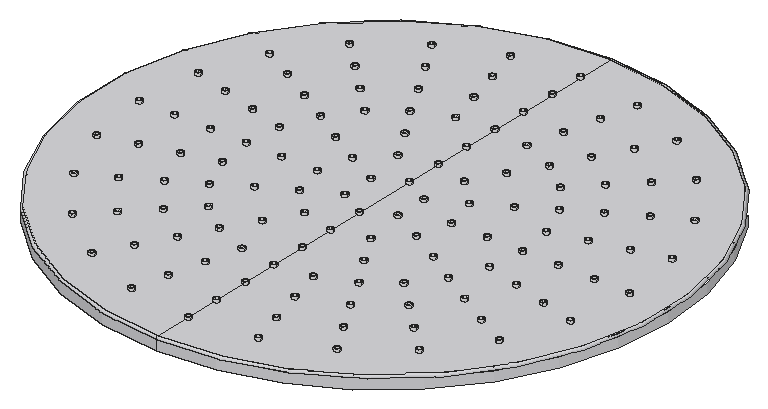
Revit family "Shower-Showerhead-KOHLER-Katalyst-K-99888T", category Plumbing Fixtures, host Face, Revit 2017 (continued)
Definition of nested family "K-99888T"
  Lines and regions (in)
    symbolic lines, detail levels medium+fine
      curve 216: arc (-1.85845, -3.3056, 0) -> (-1.93719, -3.22686, 0) -> (-2.01593, -3.3056, 0) r 0.07874
      curve 217: arc (-2.48008, -4.17422, 0) -> (-2.40134, -4.25296, 0) -> (-2.3226, -4.17422, 0) r 0.07874
      curve 218: arc (-2.3226, -4.17422, 0) -> (-2.40134, -4.09548, 0) -> (-2.48008, -4.17422, 0) r 0.07874
      curve 219: arc (-1.48974, -2.47124, 0) -> (-1.411, -2.54998, 0) -> (-1.33226, -2.47124, 0) r 0.07874
      curve 220: arc (-1.33226, -2.47124, 0) -> (-1.411, -2.3925, 0) -> (-1.48974, -2.47124, 0) r 0.07874
      curve 221: arc (-2.7883, -2.70887, 0) -> (-2.70956, -2.78761, 0) -> (-2.63082, -2.70887, 0) r 0.07874
      curve 222: arc (-2.63082, -2.70887, 0) -> (-2.70956, -2.63013, 0) -> (-2.7883, -2.70887, 0) r 0.07874
      curve 223: arc (-3.48077, -3.40135, 0) -> (-3.40203, -3.48009, 0) -> (-3.32329, -3.40135, 0) r 0.07874
      curve 224: arc (-3.32329, -3.40135, 0) -> (-3.40203, -3.32261, 0) -> (-3.48077, -3.40135, 0) r 0.07874
      curve 225: arc (-4.24078, -2.42239, 0) -> (-4.16204, -2.50113, 0) -> (-4.0833, -2.42239, 0) r 0.07874
      curve 226: arc (-4.0833, -2.42239, 0) -> (-4.16204, -2.34365, 0) -> (-4.24078, -2.42239, 0) r 0.07874
      curve 227: arc (-5.10436, -2.92502, 0) -> (-5.02562, -3.00376, 0) -> (-4.94688, -2.92502, 0) r 0.07874
      curve 228: arc (-4.94688, -2.92502, 0) -> (-5.02562, -2.84628, 0) -> (-5.10436, -2.92502, 0) r 0.07874
      curve 229: arc (-4.1876, -4.11459, 0) -> (-4.10886, -4.19333, 0) -> (-4.03012, -4.11459, 0) r 0.07874
      curve 230: arc (-4.03012, -4.11459, 0) -> (-4.10886, -4.03585, 0) -> (-4.1876, -4.11459, 0) r 0.07874
      curve 231: arc (-5.97395, -3.38739, 0) -> (-5.89521, -3.46613, 0) -> (-5.81647, -3.38739, 0) r 0.07874
      curve 232: arc (-5.81647, -3.38739, 0) -> (-5.89521, -3.30865, 0) -> (-5.97395, -3.38739, 0) r 0.07874
      curve 233: arc (-4.88784, -4.8063, 0) -> (-4.8091, -4.88504, 0) -> (-4.73036, -4.8063, 0) r 0.07874
      curve 234: arc (-4.73036, -4.8063, 0) -> (-4.8091, -4.72756, 0) -> (-4.88784, -4.8063, 0) r 0.07874
      curve 235: arc (-6.64633, -1.75917, 0) -> (-6.56759, -1.83791, 0) -> (-6.48885, -1.75917, 0) r 0.07874
      curve 236: arc (-6.48885, -1.75917, 0) -> (-6.56759, -1.68043, 0) -> (-6.64633, -1.75917, 0) r 0.07874
      curve 237: arc (-5.69653, -1.50099, 0) -> (-5.61779, -1.57973, 0) -> (-5.53905, -1.50099, 0) r 0.07874
      curve 238: arc (-5.53905, -1.50099, 0) -> (-5.61779, -1.42225, 0) -> (-5.69653, -1.50099, 0) r 0.07874
      curve 239: arc (-3.78121, -0.98561, 0) -> (-3.70247, -1.06435, 0) -> (-3.62373, -0.98561, 0) r 0.07874
      curve 240: arc (-3.62373, -0.98561, 0) -> (-3.70247, -0.90687, 0) -> (-3.78121, -0.98561, 0) r 0.07874
      curve 241: arc (-1.6976, -0.92122, 0) -> (-1.61886, -0.99996, 0) -> (-1.54012, -0.92122, 0) r 0.07874
      curve 242: arc (-1.54012, -0.92122, 0) -> (-1.61886, -0.84248, 0) -> (-1.6976, -0.92122, 0) r 0.07874
      curve 243: arc (-0.81285, -0.45229, 0) -> (-0.73411, -0.53103, 0) -> (-0.65537, -0.45229, 0) r 0.07874
      curve 244: arc (-0.65537, -0.45229, 0) -> (-0.73411, -0.37355, 0) -> (-0.81285, -0.45229, 0) r 0.07874
      curve 245: arc (-0.99762, -1.61885, 0) -> (-0.91888, -1.69759, 0) -> (-0.84014, -1.61885, 0) r 0.07874
      curve 246: arc (-0.84014, -1.61885, 0) -> (-0.91888, -1.54011, 0) -> (-0.99762, -1.61885, 0) r 0.07874
      curve 247: arc (-2.55281, -1.39329, 0) -> (-2.47407, -1.47203, 0) -> (-2.39533, -1.39329, 0) r 0.07874
      curve 248: arc (-2.39533, -1.39329, 0) -> (-2.47407, -1.31455, 0) -> (-2.55281, -1.39329, 0) r 0.07874
      curve 249: arc (-3.39012, -1.92729, 0) -> (-3.31138, -2.00603, 0) -> (-3.23264, -1.92729, 0) r 0.07874
      curve 250: arc (-3.23264, -1.92729, 0) -> (-3.31138, -1.84855, 0) -> (-3.39012, -1.92729, 0) r 0.07874
      curve 251: arc (-4.72992, -1.24784, 0) -> (-4.65118, -1.32658, 0) -> (-4.57244, -1.24784, 0) r 0.07874
      curve 252: arc (-4.57244, -1.24784, 0) -> (-4.65118, -1.1691, 0) -> (-4.72992, -1.24784, 0) r 0.07874
      curve 253: line (-6.87785, 0, 2.22866) -> (-6.72098, 0, 2.22866)
      curve 254: line (-6.64765, 0, 2.22866) -> (-6.48975, 0, 2.22866)
      curve 255: line (-5.97495, 0, 2.22866) -> (-5.73637, 0, 2.22866)
      curve 256: line (-5.69636, 0, 2.22866) -> (-5.5391, 0, 2.22866)
      curve 257: line (-5.12092, 0, 2.22866) -> (-4.94317, 0, 2.22866)
      curve 258: line (-4.89387, 0, 2.22866) -> (-4.57396, 0, 2.22866)
      curve 259: line (-4.25362, 0, 2.22866) -> (-4.02565, 0, 2.22866)
      curve 260: line (-3.91203, 0, 2.22866) -> (-3.62239, 0, 2.22866)
      curve 261: line (-3.48719, 0, 2.22866) -> (-3.22737, 0, 2.22866)
      curve 262: line (-4.25362, 0, 2.22866) -> (-4.02565, 0, 2.22866)
      curve 263: line (-3.91203, 0, 2.22866) -> (-3.62239, 0, 2.22866)
      curve 264: line (-3.48719, 0, 2.22866) -> (-3.22737, 0, 2.22866)
      curve 265: line (-3.00323, 0, 2.22866) -> (-2.62941, 0, 2.22866)
      curve 266: line (-2.55517, 0, 2.22866) -> (-2.31912, 0, 2.22866)
      curve 267: line (-2.01907, 0, 2.22866) -> (-1.16626, 0, 2.22866)
      curve 268: line (-1.06536, 0, 2.22866) -> (-0.65209, 0, 2.22866)
      curve 269: line (-0.07782, 0, 2.22866) -> (0.07782, 0, 2.22866)
      curve 270: line (0.65209, 0, 2.22866) -> (1.06536, 0, 2.22866)
      curve 271: line (1.16031, 0, 2.22866) -> (2.01809, 0, 2.22866)
      curve 272: line (2.32005, 0, 2.22866) -> (2.55751, 0, 2.22866)
      curve 273: line (2.62941, 0, 2.22866) -> (3.00323, 0, 2.22866)
      curve 274: line (3.22737, 0, 2.22866) -> (3.48719, 0, 2.22866)
      curve 275: line (3.62239, 0, 2.22866) -> (3.91203, 0, 2.22866)
      curve 276: line (4.02773, 0, 2.22866) -> (4.24457, 0, 2.22866)
      curve 277: line (4.57396, 0, 2.22866) -> (4.89387, 0, 2.22866)
      curve 278: line (4.94485, 0, 2.22866) -> (5.1054, 0, 2.22866)
      curve 279: line (5.5391, 0, 2.22866) -> (5.69636, 0, 2.22866)
      curve 280: line (5.73637, 0, 2.22866) -> (5.97617, 0, 2.22866)
      curve 281: line (6.48975, 0, 2.22866) -> (6.64765, 0, 2.22866)
      curve 282: line (6.72098, 0, 2.22866) -> (6.87785, 0, 2.22866)
      curve 283: line (7.8937, 0, 2.1696) -> (-7.8937, 0, 2.1696)
      curve 284: line (-0.59055, 0, 1.89401) -> (0.59055, 0, 1.89401)
      curve 285: line (0.45818, 0, 1.59509) -> (-0.20734, 0, 1.59509)
      curve 286: line (-0.48152, 0, 1.61842) -> (0.48152, 0, 1.61842)
      curve 287: arc (0, 0, 1.27389) -> (-0.08513, 0, 1.27774) -> (-0.17007, 0, 1.28446) r 2.52472
      curve 288: arc (-0.17007, 0, 1.28446) -> (-0.22265, 0, 1.29128) -> (-0.265, 0, 1.32318) r 0.1038
      curve 289: arc (0.17007, 0, 1.28446) -> (0.08513, 0, 1.27774) -> (0, 0, 1.27389) r 2.52472
      curve 290: arc (0.265, 0, 1.32318) -> (0.22265, 0, 1.29128) -> (0.17007, 0, 1.28446) r 0.1038
      curve 291: line (0.265, 0, 1.57392) -> (0.265, 0, 1.32318)
      curve 292: line (-0.265, 0, 1.32318) -> (-0.265, 0, 1.57392)
      curve 293: arc (-0.265, 0, 1.57392) -> (-0.23879, 0, 1.59164) -> (-0.20734, 0, 1.59509) r 0.0658
      curve 294: line (-0.20734, 0, 1.59509) -> (-0.45818, 0, 1.59509)
      curve 295: arc (0.22489, 0, 1.59509) -> (0.24682, 0, 1.58807) -> (0.265, 0, 1.57392) r 0.0658
      curve 296: line (-0.43305, 0, 0.84705) -> (0.43305, 0, 0.84705)
      curve 297: line (-0.35422, 0, 0.73448) -> (0.35422, 0, 0.73448)
      curve 298: line (-5.83616, 0, 2.28346) -> (-5.83616, 0, 2.22866)
      curve 299: line (-5.55874, 0, 2.28346) -> (-5.55874, 0, 2.22866)
      curve 300: line (-5.08468, 0, 2.28346) -> (-5.08468, 0, 2.22866)
      curve 301: line (-4.75004, 0, 2.28346) -> (-4.75004, 0, 2.22866)
      curve 302: line (-4.72992, 0, 2.28346) -> (-4.72992, 0, 2.22866)
      curve 303: line (-4.10298, 0, 2.28346) -> (-4.10298, 0, 2.22866)
      curve 304: line (-4.1876, 0, 2.28346) -> (-4.1876, 0, 2.22866)
      curve 305: line (-3.76152, 0, 2.28346) -> (-3.76152, 0, 2.22866)
      curve 306: line (-3.77235, 0, 2.28346) -> (-3.77235, 0, 2.22866)
      curve 307: line (-3.37043, 0, 2.28346) -> (-3.37043, 0, 2.22866)
      curve 308: line (-3.34326, 0, 2.28346) -> (-3.34326, 0, 2.22866)
      curve 309: line (-2.90474, 0, 2.28346) -> (-2.90474, 0, 2.22866)
      curve 310: line (-2.8396, 0, 2.28346) -> (-2.8396, 0, 2.22866)
      curve 311: line (-2.6505, 0, 2.28346) -> (-2.6505, 0, 2.22866)
      curve 312: line (-2.48008, 0, 2.28346) -> (-2.48008, 0, 2.22866)
      curve 313: line (-2.41583, 0, 2.28346) -> (-2.41583, 0, 2.22866)
      curve 314: line (-1.92051, 0, 2.28346) -> (-1.92051, 0, 2.22866)
      curve 315: line (-1.83404, 0, 2.28346) -> (-1.83404, 0, 2.22866)
      curve 316: line (-1.67795, 0, 2.28346) -> (-1.67795, 0, 2.22866)
      curve 317: line (-1.5793, 0, 2.28346) -> (-1.5793, 0, 2.22866)
      curve 318: line (-1.4415, 0, 2.28346) -> (-1.4415, 0, 2.22866)
      curve 319: line (-1.33226, 0, 2.28346) -> (-1.33226, 0, 2.22866)
      curve 320: line (-1.32068, 0, 2.28346) -> (-1.32068, 0, 2.22866)
      curve 321: line (-0.97793, 0, 2.28346) -> (-0.97793, 0, 2.22866)
      curve 322: line (-0.92815, 0, 2.28346) -> (-0.92815, 0, 2.22866)
      curve 323: line (-0.81285, 0, 2.28346) -> (-0.81285, 0, 2.22866)
      curve 324: line (-0.84014, 0, 2.28346) -> (-0.84014, 0, 2.22866)
      curve 325: line (0.81285, 0, 2.28346) -> (0.81285, 0, 2.22866)
      curve 326: line (0.85982, 0, 2.28346) -> (0.85982, 0, 2.22866)
      curve 327: line (0.99762, 0, 2.28346) -> (0.99762, 0, 2.22866)
      curve 328: line (1.301, 0, 2.28346) -> (1.301, 0, 2.22866)
      curve 329: line (1.32068, 0, 2.28346) -> (1.32068, 0, 2.22866)
      curve 330: line (1.35195, 0, 2.28346) -> (1.35195, 0, 2.22866)
      curve 331: line (1.4415, 0, 2.28346) -> (1.4415, 0, 2.22866)
      curve 332: line (1.55961, 0, 2.28346) -> (1.55961, 0, 2.22866)
      curve 333: line (1.67656, 0, 2.28346) -> (1.67656, 0, 2.22866)
      curve 334: line (1.78271, 0, 2.28346) -> (1.78271, 0, 2.22866)
      curve 335: line (1.92051, 0, 2.28346) -> (1.92051, 0, 2.22866)
      curve 336: line (2.53394, 0, 2.28346) -> (2.53394, 0, 2.22866)
      curve 337: line (2.4604, 0, 2.28346) -> (2.4604, 0, 2.22866)
      curve 338: line (2.6505, 0, 2.28346) -> (2.6505, 0, 2.22866)
      curve 339: line (2.76695, 0, 2.28346) -> (2.76695, 0, 2.22866)
      curve 340: line (2.90474, 0, 2.28346) -> (2.90474, 0, 2.22866)
      curve 341: line (2.8396, 0, 2.28346) -> (2.8396, 0, 2.22866)
      curve 342: line (3.34326, 0, 2.28346) -> (3.34326, 0, 2.22866)
      curve 343: line (3.39012, 0, 2.28346) -> (3.39012, 0, 2.22866)
      curve 344: line (3.76152, 0, 2.28346) -> (3.76152, 0, 2.22866)
      curve 345: line (3.89046, 0, 2.28346) -> (3.89046, 0, 2.22866)
      curve 346: line (4.16791, 0, 2.28346) -> (4.16791, 0, 2.22866)
      curve 347: line (4.75004, 0, 2.28346) -> (4.75004, 0, 2.22866)
      curve 348: line (5.87391, 0, 2.28346) -> (5.87391, 0, 2.22866)
      curve 349: line (0, -0.43305, 0.84705) -> (0, 0.43305, 0.84705)
      curve 350: line (0, 0.35422, 0.61709) -> (0, -0.35422, 0.61709)
      curve 351: line (0, 0.35422, 0.73448) -> (0, -0.35422, 0.73448)
      curve 352: arc (0, 0.22277, 0.56797) -> (0, -0.00001, 0.60363) -> (0, -0.22279, 0.56797) r 0.71373
      curve 353: line (0, 0.24824, 0.3937) -> (0, 0.24824, 0.54346)
      curve 354: line (0, -0.24824, 0.3937) -> (0, 0.24824, 0.3937)
      curve 355: line (0, -0.24824, 0.54346) -> (0, -0.24824, 0.3937)
      curve 356: arc (0, -0.22279, 0.56797) -> (0, -0.23904, 0.55939) -> (0, -0.24824, 0.54346) r 0.03317
      curve 357: arc (0, 0.24824, 0.54346) -> (0, 0.23904, 0.55939) -> (0, 0.22277, 0.56797) r 0.03317
      curve 358: line (0, -0.43824, 0.56871) -> (0, -0.22052, 0.56871)
      curve 359: line (0, 0.22051, 0.56871) -> (0, 0.43824, 0.56871)
      curve 360: line (0, 0.61058, 0.88642) -> (0, -0.61058, 0.88642)
      curve 361: line (0, -0.61058, 1.23392) -> (0, 0.61058, 1.23392)
      curve 362: line (-0.65054, 0, 1.28369) -> (-0.18781, 0, 1.28369)
      curve 363: line (-0.68532, 0, 1.32701) -> (-0.265, 0, 1.32701)
      curve 364: line (0.265, 0, 1.32701) -> (0.68476, 0, 1.32701)
      curve 365: line (0.18781, 0, 1.28369) -> (0.65054, 0, 1.28369)
      curve 366: line (0, 0.48152, 1.61842) -> (0, -0.48152, 1.61842)
      curve 367: line (0, -0.45818, 1.59509) -> (0, 0.45818, 1.59509)
      curve 368: line (0, -0.62992, 1.32701) -> (0, 0.62992, 1.32701)
      curve 369: line (0, 0.62992, 1.28304) -> (0, -0.62992, 1.28304)
      curve 370: line (-0.61058, 0, 0.88642) -> (0.61058, 0, 0.88642)
      curve 371: line (0, 0.62992, 1.89401) -> (0, -0.62992, 1.89401)
      curve 372: line (0, 0.2192, 1.61842) -> (0, 0.2192, 1.89401)
      curve 373: line (0, -0.2192, 1.61842) -> (0, -0.2192, 1.89401)
      curve 374: line (0, -7.8937, 2.1696) -> (0, 7.8937, 2.1696)
      curve 375: line (-0.39517, 0, 0.56871) -> (0.39666, 0, 0.56871)
      curve 376: line (-0.35422, 0, 0.61709) -> (0.35422, 0, 0.61709)
      curve 377: line (0.61058, 0, 1.23392) -> (-0.61058, 0, 1.23392)
      curve 378: line (0, 6.87785, 2.22866) -> (0, 6.72098, 2.22866)
      curve 379: line (0, 6.64765, 2.22866) -> (0, 6.48975, 2.22866)
      curve 380: line (0, 5.9683, 2.22866) -> (0, 5.73637, 2.22866)
      curve 381: line (0, 5.69636, 2.22866) -> (0, 5.5391, 2.22866)
      curve 382: line (0, 5.12092, 2.22866) -> (0, 4.96101, 2.22866)
      curve 383: line (0, 4.89387, 2.22866) -> (0, 4.57396, 2.22866)
      curve 384: line (0, 4.25362, 2.22866) -> (0, 4.03548, 2.22866)
      curve 385: line (0, 3.91203, 2.22866) -> (0, 3.62239, 2.22866)
      curve 386: line (0, 3.48719, 2.22866) -> (0, 3.22737, 2.22866)
      curve 387: line (0, 3.00323, 2.22866) -> (0, 2.62941, 2.22866)
      curve 388: line (0, 2.55067, 2.22866) -> (0, 2.34399, 2.22866)
      curve 389: line (0, 2.00629, 2.22866) -> (0, 1.68032, 2.22866)
      curve 390: line (0, 1.58084, 2.22866) -> (0, 1.16626, 2.22866)
      curve 391: line (0, 1.06536, 2.22866) -> (0, 0.77892, 2.22866)
      curve 392: line (0, 0.52971, 2.22866) -> (0, 0.3738, 2.22866)
      curve 393: line (0, 0.07782, 2.22866) -> (0, -0.07782, 2.22866)
      curve 394: line (0, -0.3738, 2.22866) -> (0, -0.52971, 2.22866)
      curve 395: line (0, -0.77892, 2.22866) -> (0, -1.06536, 2.22866)
      curve 396: line (0, -1.16626, 2.22866) -> (0, -1.33208, 2.22866)
      curve 397: line (0, -1.41678, 2.22866) -> (0, -2.00629, 2.22866)
      curve 398: line (0, -2.34399, 2.22866) -> (0, -2.55067, 2.22866)
      curve 399: line (0, -2.62941, 2.22866) -> (0, -3.00323, 2.22866)
      curve 400: line (0, -3.22737, 2.22866) -> (0, -3.48719, 2.22866)
      curve 401: line (0, -3.62239, 2.22866) -> (0, -3.91203, 2.22866)
      curve 402: line (0, -4.03548, 2.22866) -> (0, -4.25362, 2.22866)
      curve 403: line (0, -4.57396, 2.22866) -> (0, -4.89387, 2.22866)
      curve 404: line (0, -4.96101, 2.22866) -> (0, -5.12092, 2.22866)
      curve 405: line (0, -5.5391, 2.22866) -> (0, -5.69636, 2.22866)
      curve 406: line (0, -5.73637, 2.22866) -> (0, -5.9683, 2.22866)
      curve 407: line (0, -6.48975, 2.22866) -> (0, -6.64765, 2.22866)
      curve 408: line (0, -6.72098, 2.22866) -> (0, -6.87785, 2.22866)
      curve 409: line (0, 5.8936, 2.28346) -> (0, 5.8936, 2.22866)
      curve 410: line (0, 5.81075, 2.28346) -> (0, 5.81075, 2.22866)
      curve 411: line (0, 5.61791, 2.28346) -> (0, 5.61791, 2.22866)
      curve 412: line (0, 5.04087, 2.28346) -> (0, 5.04087, 2.22866)
      curve 413: line (0, 4.74724, 2.28346) -> (0, 4.74724, 2.22866)
      curve 414: line (0, 4.72756, 2.28346) -> (0, 4.72756, 2.22866)
      curve 415: line (0, 4.5937, 2.28346) -> (0, 4.5937, 2.22866)
      curve 416: line (0, 4.17365, 2.28346) -> (0, 4.17365, 2.22866)
      curve 417: line (0, 4.11517, 2.28346) -> (0, 4.11517, 2.22866)
      curve 418: line (0, 3.78078, 2.28346) -> (0, 3.78078, 2.22866)
      curve 419: line (0, 3.75267, 2.28346) -> (0, 3.75267, 2.22866)
      curve 420: line (0, 3.64299, 2.28346) -> (0, 3.64299, 2.22866)
      curve 421: line (0, 3.38739, 2.28346) -> (0, 3.38739, 2.22866)
      curve 422: line (0, 3.36466, 2.28346) -> (0, 3.36466, 2.22866)
      curve 423: line (0, 3.24655, 2.28346) -> (0, 3.24655, 2.22866)
      curve 424: line (0, 2.90474, 2.28346) -> (0, 2.90474, 2.22866)
      curve 425: line (0, 2.78761, 2.28346) -> (0, 2.78761, 2.22866)
      curve 426: line (0, 2.64982, 2.28346) -> (0, 2.64982, 2.22866)
      curve 427: line (0, 2.48145, 2.28346) -> (0, 2.48145, 2.22866)
      curve 428: line (0, 2.3925, 2.28346) -> (0, 2.3925, 2.22866)
      curve 429: line (0, 1.94019, 2.28346) -> (0, 1.94019, 2.22866)
      curve 430: line (0, 1.84855, 2.28346) -> (0, 1.84855, 2.22866)
      curve 431: line (0, 1.78271, 2.28346) -> (0, 1.78271, 2.22866)
      curve 432: line (0, 1.69759, 2.28346) -> (0, 1.69759, 2.22866)
      curve 433: line (0, 1.48333, 2.28346) -> (0, 1.48333, 2.22866)
      curve 434: line (0, 1.44194, 2.28346) -> (0, 1.44194, 2.22866)
      curve 435: line (0, 1.32658, 2.28346) -> (0, 1.32658, 2.22866)
      curve 436: line (0, 1.18878, 2.28346) -> (0, 1.18878, 2.22866)
      curve 437: line (0, 0.99753, 2.28346) -> (0, 0.99753, 2.22866)
      curve 438: line (0, 0.92656, 2.28346) -> (0, 0.92656, 2.22866)
      curve 439: line (0, 0.39323, 2.28346) -> (0, 0.39323, 2.22866)
      curve 440: line (0, 0.4313, 2.28346) -> (0, 0.4313, 2.22866)
      curve 441: line (0, -0.92656, 2.28346) -> (0, -0.92656, 2.22866)
      curve 442: line (0, -0.90687, 2.28346) -> (0, -0.90687, 2.22866)
      curve 443: line (0, -0.84005, 2.28346) -> (0, -0.84005, 2.22866)
      curve 444: line (0, -1.30689, 2.28346) -> (0, -1.30689, 2.22866)
      curve 445: line (0, -1.48333, 2.28346) -> (0, -1.48333, 2.22866)
      curve 446: line (0, -1.57973, 2.28346) -> (0, -1.57973, 2.22866)
      curve 447: line (0, -1.55979, 2.28346) -> (0, -1.55979, 2.22866)
      curve 448: line (0, -1.78271, 2.28346) -> (0, -1.78271, 2.22866)
      curve 449: line (0, -1.86824, 2.28346) -> (0, -1.86824, 2.22866)
      curve 450: line (0, -1.6779, 2.28346) -> (0, -1.6779, 2.22866)
      curve 451: line (0, -2.48145, 2.28346) -> (0, -2.48145, 2.22866)
      curve 452: line (0, -2.3925, 2.28346) -> (0, -2.3925, 2.22866)
      curve 453: line (0, -2.76695, 2.28346) -> (0, -2.76695, 2.22866)
      curve 454: line (0, -2.84569, 2.28346) -> (0, -2.84569, 2.22866)
      curve 455: line (0, -3.36466, 2.28346) -> (0, -3.36466, 2.22866)
      curve 456: line (0, -3.44644, 2.28346) -> (0, -3.44644, 2.22866)
      curve 457: line (0, -3.75267, 2.28346) -> (0, -3.75267, 2.22866)
      curve 458: line (0, -4.17365, 2.28346) -> (0, -4.17365, 2.22866)
      curve 459: line (0, -4.73692, 2.28346) -> (0, -4.73692, 2.22866)
      curve 460: line (0, -4.71181, 2.28346) -> (0, -4.71181, 2.22866)
      curve 461: line (0, -4.98181, 2.28346) -> (0, -4.98181, 2.22866)
      curve 462: line (0, -5.83043, 2.28346) -> (0, -5.83043, 2.22866)
      curve 463: line (0, -5.87391, 2.28346) -> (0, -5.87391, 2.22866)
  Dimensions and locks (in)
    plane 4 to plane 7 = 15.7874"
    plane 5 to plane 6 = 15.7874"
    locked: plane 8 to level at 2.28346
    aligned and locked: plane 2 to level
